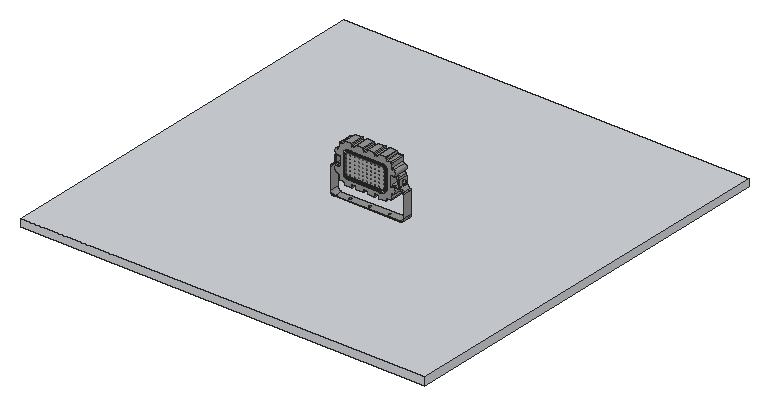
Revit family "SCOD", category Lighting Fixtures, host Face, Revit 2014
Parameters (values of type "SCOD")
  Wings = Paint - Hubbell - Light Silver
  Width = 280.00 mm
  Watts = 78 W
  Wattage Comments = "78W"
  Wattage = 80 W
  Warranty = "5 years Warranty"  # constant formula
  built-in parameter 1150110 = 1 (stored number, unit not read)
  Voltage = 120 V
  URL = "https://www.hubbell.com/chalmit/en"
  built-in parameter 1114217 = 1 (stored number, unit not read)
  Tilt Angle = 90.00°  # constant formula
  built-in parameter 1150109 = 1 (stored number, unit not read)
  built-in parameter 1150134 = 3
  built-in parameter 1150113 = 1 (stored number, unit not read)
  Reflector Finish = Hubbell - White Glass
  Product Link = "https://www.hubbell.com/chalmit/en/Products/Lighting-Controls/Harsh-Hazardous-Lighting/Flood-Lighting/ScotiaEx/p/866129"
  Product Documentation Link = "https://hubbellcdn.com/specsheet/ScotiaEx_Zone1_Datasheet_V4.pdf"
  Power Factor = 1
  Photometric Web File = "SCOD_07L_LE.ies"
  Pendent Height [instance] = 97.00 mm
  built-in parameter 1150142 = "﻿IESNA:LM-63-2002\r\n[TEST]SD19020673\r\n[TESTLAB]Hubbell Scotland\r\n[ISSUEDATE]2019-02-06\r\n[MANUFAC]Chalmit Lighting\r\n[LUMCAT]SCOD/07L/LE\r\n[LUMINAIRE]Scotia LED Floodlight          \r\n[LAMP]LED\r\n[LAMPCAT]LED\r\n[_LUMTYPE]Floodlight\r\n[_LAMPTYPE]LED\r\n[_LAMPMORE]Light Emitting Diodes, White\r\n[_HAZRATING]Zone 1, Zone 21\r\n[_HAZPRO]Ex d e, IECEx, ATEX\r\n[_ENVIRORATING]IP66\r\n[_AMBIENT]-50°C to +40°C (T6), -50°C to +55°C (T5)\r\n[_MOUNT]Surface, Suspended, Stanchion, Wall, Stirrup, Pendant\r\n[_KEYWORDS]Pole, Column, Mast, Floor Stand, Ratchet Handles, Swing Jib, Tripod\r\n[_DRAWFILE]SCOTIA.DWG\r\n     \r\nTILT=NONE\r\n1 -1 1 42 25 1 2 0.397 0.238 0.175\r\n1 1 78.99\r\n0.00 2.50 5.00 7.50 10.00 12.50 15.00 17.50 20.00 22.50 25.00 27.50 30.00 32.50 35.00 37.50 40.00 42.50 45.00 47.50 50.00 52.50 55.00 57.50 60.00 62.50 65.00 67.50 70.00 72.50 75.00 77.50 80.00 82.50 85.00 87.50 90.00 92.50 95.00 97.50 100.00 180.00\r\n0.00 15.00 30.00 45.00 60.00 75.00 90.00 105.00 120.00 135.00 150.00 165.00 180.00 195.00 210.00 225.00 240.00 255.00 270.00 285.00 300.00 315.00 330.00 345.00 360.00\r\n2823.128 2819.52 2817.49 2804.12 2789.69 2752.79 2662.99 2547.71 2493.21 2464.20 2410.15 2333.57 2255.88 2160.00 2083.66 2033.34 1976.17 1914.50 1848.26 1773.03 1690.48 1569.63 1254.22 1137.34 1045.97 948.937 843.654 724.254 487.537 397.432 234.75 163.943\r\n 73.313 30.255 15.232 2.063 0.783 0.536 1.051 3.107 2.029 0.00\r\n2823.128 2821.26 2817.44 2803.82 2787.93 2750.04 2654.60 2539.73 2481.95 2444.08 2386.08 2319.37 2241.05 2150.91 2079.81 2018.34 1959.59 1891.26 1821.94 1746.66 1662.95 1531.16 1221.66 1102.67 1013.27 917.444 814.917 685.893 460.698 370.324 211.50 145.958\r\n 48.923 24.823 10.706 2.344 0.32 0.932 1.589 0.445 2.127 0.00\r\n2823.128 2823.22 2820.70 2810.86 2790.91 2770.75 2728.30 2630.34 2524.32 2447.68 2410.36 2373.59 2308.32 2227.42 2137.01 2058.77 2053.10 1914.82 1859.10 1771.83 1694.53 1596.41 1460.67 1282.24 1001.91 903.918 802.288 679.708 568.177 353.328 263.927 \r\n144.966 77.348 26.227 14.056 3.603 1.37 3.132 1.268 2.17 0.927 0.00\r\n2823.128 2820.91 2821.93 2809.92 2791.85 2771.51 2743.69 2699.00 2616.99 2520.70 2419.26 2359.67 2313.58 2264.22 2191.93 2113.69 2005.66 1867.76 1772.02 1719.73 1634.31 1520.21 1401.43 1284.31 1125.82 947.617 680.384 575.955 463.633 351.037 203.45 132.263\r\n 61.269 18.168 8.861 0.567 0.696 0.00 2.59 3.43 2.564 0.00\r\n2823.128 2819.07 2821.03 2817.54 2806.52 2781.98 2758.61 2728.69 2702.73 2673.74 2629.98 2518.78 2417.34 2319.38 2224.09 2107.83 2043.91 1992.24 1905.22 1796.09 1686.89 1581.43 1447.69 1266.64 1091.12 973.161 855.531 684.938 561.624 396.008 253.91 155.585\r\n 96.213 31.156 11.565 3.433 1.97 2.14 2.196 0.388 1.821 0.00\r\n2823.128 2818.73 2817.15 2812.18 2801.75 2786.41 2765.55 2738.06 2706.65 2671.79 2634.85 2566.37 2473.56 2378.78 2316.79 2271.30 2177.57 2060.81 1953.72 1864.81 1747.95 1577.71 1350.65 1208.98 1074.56 925.051 768.306 652.518 473.933 351.50 233.731 154.678\r\n 70.919 14.524 10.861 3.978 1.15 0.00 2.633 2.796 2.713 0.00\r\n2823.128 2817.05 2816.84 2813.13 2802.88 2791.32 2780.58 2755.65 2730.57 2701.63 2664.12 2624.21 2551.38 2431.21 2356.97 2326.70 2254.64 2151.52 2031.00 1911.64 1806.72 1683.85 1503.73 1381.17 1267.63 1121.09 905.192 779.272 594.41 473.79 329.28 206.884 \r\n118.598 33.012 11.944 8.197 3.062 1.91 0.776 1.588 2.636 0.00\r\n2823.128 2823.19 2816.24 2811.19 2801.35 2788.88 2768.44 2743.87 2717.17 2689.17 2657.37 2599.18 2527.01 2431.36 2342.62 2288.40 2214.90 2100.56 1979.38 1852.29 1717.39 1554.31 1345.70 1191.86 1069.73 954.692 757.634 644.992 492.602 386.766 256.272 \r\n165.536 84.274 23.353 12.701 3.469 1.158 2.805 2.37 2.147 0.434 0.00\r\n2823.128 2824.84 2827.12 2819.37 2808.88 2792.34 2777.23 2753.49 2728.06 2699.06 2669.37 2618.81 2523.91 2383.56 2231.52 2084.61 1993.11 1966.54 1908.46 1790.93 1659.74 1544.14 1424.15 1282.19 1120.54 995.084 879.861 708.845 575.696 429.133 282.064 183.09\r\n 109.453 49.201 12.683 5.867 1.169 1.997 2.28 1.478 2.391 0.00\r\n2823.128 2828.16 2826.57 2817.05 2804.26 2787.39 2766.21 2745.21 2686.98 2558.16 2422.82 2352.83 2334.73 2289.21 2198.95 2106.30 2009.06 1892.63 1758.33 1685.22 1611.01 1511.25 1393.98 1267.60 1150.22 1016.26 712.227 598.42 497.965 373.528 267.686 153.187\r\n 70.638 32.837 12.063 5.116 4.088 1.895 3.557 2.388 0.564 0.00\r\n2823.128 2828.38 2825.74 2819.20 2806.17 2788.93 2778.66 2705.14 2553.45 2430.83 2418.01 2384.30 2299.33 2231.95 2164.97 2078.01 1996.76 1938.17 1881.80 1801.27 1683.93 1578.34 1465.77 1330.92 1027.38 915.808 820.036 714.94 599.994 446.731 288.886 195.762\r\n 106.828 37.857 19.822 8.329 0.346 0.88 2.257 0.592 0.867 0.00\r\n2823.128 2824.61 2819.89 2812.34 2800.30 2783.76 2715.26 2549.06 2437.57 2439.52 2395.39 2303.98 2237.49 2166.44 2072.40 2013.48 1962.21 1902.06 1830.62 1753.80 1661.77 1538.04 1287.19 1116.39 1021.92 980.241 820.60 702.813 484.813 388.713 262.212 162.535\r\n 74.898 28.785 16.287 2.109 1.836 1.755 4.065 0.00 0.373 0.00\r\n2823.128 2821.57 2816.20 2805.41 2794.25 2776.50 2681.61 2526.60 2457.67 2455.32 2400.13 2311.42 2247.41 2167.15 2088.38 2036.15 1978.65 1907.43 1841.13 1767.97 1679.20 1581.58 1249.17 1140.41 1050.86 954.235 852.64 744.544 514.666 421.144 281.842 191.544\r\n 88.343 36.63 21.08 6.138 0.00 2.933 1.019 1.221 1.262 0.00\r\n2823.128 2823.91 2821.41 2812.30 2798.07 2786.57 2741.35 2601.09 2471.00 2453.84 2427.00 2356.65 2272.21 2203.09 2109.33 2049.54 1992.17 1930.90 1863.79 1789.13 1705.18 1614.13 1438.62 1167.03 1071.22 977.829 872.052 767.047 626.974 437.71 345.324 202.453\r\n 94.897 38.405 21.109 9.114 0.00 0.42 0.086 1.073 0.453 0.00\r\n2823.128 2823.40 2819.68 2813.41 2797.03 2784.81 2765.09 2672.58 2526.09 2425.33 2412.34 2387.16 2321.81 2235.79 2167.17 2068.43 1994.68 1935.32 1866.70 1792.70 1712.25 1623.71 1521.50 1391.62 1080.52 945.153 832.128 707.101 595.938 404.547 289.313 \r\n160.613 102.529 31.017 17.344 5.076 0.741 0.00 0.00 1.57 0.99 0.00\r\n2823.128 2825.31 2821.36 2814.85 2804.12 2787.51 2769.80 2746.73 2701.54 2597.79 2470.76 2365.52 2337.86 2309.05 2236.65 2163.41 2093.63 2013.70 1911.55 1823.15 1740.00 1639.02 1528.39 1383.25 1223.95 1084.39 924.393 705.602 552.064 445.53 319.412 190.396\r\n 114.489 55.639 17.886 6.545 0.252 1.915 0.075 1.40 1.104 0.00\r\n2823.128 2825.60 2819.62 2812.00 2795.14 2779.14 2758.67 2735.08 2708.60 2681.48 2644.61 2595.53 2512.35 2400.02 2282.28 2180.11 2113.63 2063.62 1989.87 1888.62 1758.22 1592.95 1442.71 1314.49 1185.91 1050.48 888.35 764.944 591.046 466.564 289.193 190.613\r\n 112.652 47.429 14.539 4.292 0.10 1.428 0.021 0.111 0.00 0.00\r\n2823.128 2823.13 2821.61 2813.59 2800.60 2783.03 2764.88 2741.45 2712.76 2684.76 2650.64 2610.88 2567.66 2515.73 2463.12 2409.80 2350.25 2281.09 2169.37 2018.87 1865.09 1726.50 1588.09 1435.77 1222.50 1018.35 892.964 732.49 594.128 445.809 323.677 203.70 \r\n133.763 52.284 16.632 7.43 0.666 0.782 0.332 0.414 0.344 0.00\r\n2823.128 2823.03 2822.57 2812.48 2797.80 2781.81 2766.48 2739.80 2707.93 2677.71 2639.43 2595.60 2546.14 2495.08 2442.85 2372.77 2304.41 2238.50 2112.27 1982.68 1858.29 1741.11 1633.23 1506.71 1274.49 1130.39 982.75 791.339 666.53 494.173 337.793 218.329 \r\n129.531 41.893 14.199 5.24 0.00 1.049 2.26 0.00 0.677 0.00\r\n2823.128 2824.05 2818.93 2814.63 2799.89 2787.03 2767.36 2748.32 2715.06 2675.77 2631.75 2587.41 2538.06 2480.82 2430.90 2374.29 2295.27 2199.84 2076.58 1932.26 1776.14 1622.39 1499.49 1375.58 1231.56 1024.05 892.786 736.016 585.922 418.213 306.87 188.636\r\n 112.386 39.279 13.361 6.037 0.38 0.991 0.329 0.068 1.982 0.00\r\n2823.128 2824.66 2820.76 2806.60 2791.60 2777.97 2761.22 2724.76 2670.63 2621.24 2562.52 2490.19 2420.50 2335.85 2243.55 2176.42 2111.42 2039.71 1965.73 1864.15 1748.26 1605.88 1458.59 1326.49 1205.95 1067.28 860.237 735.165 576.604 374.311 262.691 \r\n170.139 86.019 31.428 12.094 2.79 1.16 0.262 0.00 0.00 1.425 0.00\r\n2823.128 2823.95 2824.71 2812.73 2795.84 2780.49 2751.10 2689.98 2600.85 2518.20 2454.36 2401.00 2351.81 2300.16 2225.94 2152.14 2068.60 1975.41 1899.41 1823.30 1733.93 1629.29 1516.81 1394.79 1254.42 1057.92 785.842 675.459 523.106 417.42 273.13 165.013 \r\n79.157 32.148 13.164 4.206 0.564 1.564 0.00 0.879 1.083 0.00\r\n2823.128 2825.75 2820.01 2809.22 2795.77 2761.95 2696.55 2607.08 2523.00 2478.34 2440.19 2381.50 2307.51 2232.64 2141.54 2064.35 2000.00 1938.15 1871.18 1794.29 1713.74 1623.85 1515.15 1282.91 1065.29 958.774 844.646 713.419 566.269 374.74 280.535 147.367\r\n 71.716 24.792 14.286 4.581 1.105 0.00 0.00 1.022 1.607 0.00\r\n2823.128 2823.49 2820.09 2810.10 2793.03 2760.34 2674.40 2565.92 2511.19 2482.06 2428.40 2351.93 2274.83 2190.99 2113.44 2056.71 2000.22 1935.85 1871.77 1797.75 1714.00 1593.89 1317.56 1154.25 1062.31 967.784 857.313 740.484 506.226 412.312 287.205 \r\n179.043 83.923 31.938 17.514 1.72 1.204 1.671 1.643 1.743 1.791 0.00\r\n2823.128 2819.52 2817.49 2804.12 2789.69 2752.79 2662.99 2547.71 2493.21 2464.20 2410.15 2333.57 2255.88 2160.00 2083.66 2033.34 1976.17 1914.50 1848.26 1773.03 1690.48 1569.63 1254.22 1137.34 1045.97 948.937 843.654 724.254 487.537 397.432 234.75 163.943\r\n 73.313 30.255 15.232 2.063 0.783 0.536 1.051 3.107 2.029 0.00\r\n"
  Mounting = Paint - Hubbell - Light Silver
  Model = "SCOD"
  Manufacturer = "Chalmit"  # constant formula
  built-in parameter 1150105 = 636.62 (stored number, unit not read)
  Lumens = 8000 lm
  built-in parameter 1150115 = 1 (stored number, unit not read)
  Load Classification = Lighting
  built-in parameter 1150137 = (empty or 0)
  built-in parameter 1150139 = (empty or 0)
  Length = 444.00 mm
  built-in parameter 1150112 = 1 (stored number, unit not read)
  built-in parameter 1150114 = 1 (stored number, unit not read)
  Lamp = "LED"  # constant formula
  built-in parameter 1150132 = (empty or 0)
  built-in parameter 1150102 = (empty or 0)
  built-in parameter 1150107 = 3200 (stored number, unit not read)
  built-in parameter 1150138 = (empty or 0)
  built-in parameter 1150106 = 6.3662 (stored number, unit not read)
  IP Rating = "IP66/67"  # constant formula
  Housing Material = Paint - Hubbell - Light Silver
  Glass = Hubbell - Glass
  Fixture distribution = "Direct"  # constant formula
  Features = "Instant on crisp white light output.\r\nHighly Energy Efficient.\r\n110,000 maintenance free hours at 25°C.\r\nLower power consumption than HID lamps.\r\nLow temperature applications to -50°C.\r\nCrane Damper Bracket available"  # constant formula
  Emit from Rectangle Width = 250.00 mm  # constant formula
  Emit from Rectangle Length = 150.00 mm  # constant formula
  Emit Shape Visible in Rendering = no
  built-in parameter 1150104 = 9.2903 (stored number, unit not read)
  Height = 535.00 mm
  Dimming Lamp Color Temperature Shift = <None>
  Description = "The ScotiaEx is a low energy floodlight with an instant on output delivering 110,000 maintenance free hours at 25 °C. Its excellent temperature range of -50°C to +55°C makes it a global lighting solution providing high output lighting at extreme temperatures."  # constant formula
  Default Elevation = 1219.20 mm
  Copyright = " ©2020 Chalmit, a division of Hubbell Lighting, Inc"  # constant formula
  Contact = "https://www.hubbell.com/chalmit/en/contactUs"
  Connector Description = "Lighting Connector"  # constant formula
  Color Filter = 16777215
  built-in parameter 1114218 = 1 (stored number, unit not read)
  built-in parameter 1150133 = 10 (stored number, unit not read)
  Assembly Code = "D5020200"
  Apparent Load = Watts / Power Factor  # 78 VA
Reference planes
  plane 1 "Center (Front/Back)": y = 0
  plane 2: z = 14.125
  plane 3 "Center (Left/Right)": x = 0
  plane 4: z = -150.375
  plane 5: x = 222
  plane 6: x = -222
  plane 7: z = 189.125
  plane 8: y = 107.5
  plane 9: y = -107.5
  plane 10: z = 343.125
  plane 11: z = 105.125
  plane 12: z = 189.125
  plane 13: y = -141.213
  plane 14: y = -6.213
  plane 15: x = -198.5
  plane 16: x = 198.5
  plane 17: y = 33.787
Forms (mm)
  Extrusion 1, solid
    sketch origin (0, 0, 0) x (1, 0, 0) y (0, 1, 0)
      loop
        line (-1219.2, 1219.2) -> (-1219.2, -1219.2) -> (1219.2, -1219.2) -> (1219.2, 1219.2) -> (-1219.2, 1219.2)
    from 14.125 to -31.75
  Sweep 2, solid, material "Paint - Hubbell - Light Silver" <- "Housing Material"
    path origin (0, 0, 0) x (1, 0, 0) y (0, 0, 1)
      loop
        line (-196.207, 239.125) -> (-196.207, 201.076) -> (-219.468, 177.815)
        arc (-219.468, 177.815) -> (-221.635, 174.571) -> (-222.397, 170.744) r 10
        line (-222.397, 170.744) -> (-222.397, 39.284)
        arc (-222.397, 39.284) -> (-215.028, 21.494) -> (-197.238, 14.125) r 25.159
        line (-197.238, 14.125) -> (0, 14.125) -> (197.238, 14.125)
        arc (197.238, 14.125) -> (215.028, 21.494) -> (222.397, 39.284) r 25.159
        line (222.397, 39.284) -> (222.397, 170.744)
        arc (222.397, 170.744) -> (221.635, 174.571) -> (219.468, 177.815) r 10
        line (219.468, 177.815) -> (196.207, 201.076) -> (196.207, 239.125)
    profile origin (-222.397, 0, 105.014) x (0, -1, 0) y (1, 0, 0)
      loop
        line (95, 0) -> (128.75, 0) -> (128.75, 3.75) -> (78.75, 3.75) -> (78.75, 0) -> (95, 0)
  Extrusion 3, void
    sketch origin (0, -96.25, 0) x (1, 0, 0) y (0, 1, 0)
      loop
        circle (0, -12.5) r 6.5
      loop
        circle (-120, -12.5) r 6.5
      loop
        circle (120, -12.5) r 6.5
    from 14.125 to 17.875
  Revolve 4, solid, material "Paint - Hubbell - Light Silver" <- "Housing Material"
    sketch origin (23.229, -8.75, 219.966) x (1, 0, 0) y (0, 1, 0)
      loop
        line (-222, -95) -> (-222, -85) -> (-228.155, -85)
        arc (-228.155, -85) -> (-230.874, -86.126) -> (-232, -88.845) r 3.845
        line (-232, -88.845) -> (-232, -95) -> (-222, -95)
      axis (-222, -95) -> (-232, -95)
    angle from 0 to 360
  Revolve 5, solid, material "Paint - Hubbell - Light Silver" <- "Housing Material"
    sketch origin (-23.288, -8.75, 219.684) x (-1, 0, 0) y (0, -1, 0)
      loop
        line (-222, 95) -> (-232, 95) -> (-232, 88.845)
        arc (-232, 88.845) -> (-230.874, 86.126) -> (-228.155, 85) r 3.845
        line (-228.155, 85) -> (-222, 85) -> (-222, 95)
      axis (-222, 95) -> (-232, 95)
    angle from 0 to 360
  Extrusion 6, solid, material "Paint - Hubbell - Light Silver" <- "Housing Material"
    sketch origin (0, 0, 0) x (1, 0, 0) y (0, 0, 1)
      loop
        line (-170.982, 255.585) -> (-150.896, 255.585) -> (-150.896, 192.162) -> (-173.607, 192.162)
        arc (-173.607, 192.162) -> (-183.323, 172.932) -> (-166.564, 159.393) r 17.142
        arc (-166.564, 159.393) -> (-160.099, 156.171) -> (-157.491, 149.436) r 10
        line (-157.491, 149.436) -> (-157.491, 128.491)
        arc (-157.491, 128.491) -> (-155.54, 123.78) -> (-150.829, 121.829) r 6.662
        line (-150.829, 121.829) -> (-129.628, 121.829)
        arc (-129.628, 121.829) -> (-126.093, 120.365) -> (-124.628, 116.829) r 5
        line (-124.628, 116.829) -> (-124.628, 107.254)
        arc (-124.628, 107.254) -> (-124.132, 106.054) -> (-122.932, 105.557) r 1.697
        line (-122.932, 105.557) -> (-85.235, 105.557)
        arc (-85.235, 105.557) -> (-82.842, 106.548) -> (-81.851, 108.941) r 3.384
        line (-81.851, 108.941) -> (-81.851, 116.829)
        arc (-81.851, 116.829) -> (-80.386, 120.365) -> (-76.851, 121.829) r 5
        line (-76.851, 121.829) -> (-61.851, 121.829)
        arc (-61.851, 121.829) -> (-58.315, 120.365) -> (-56.851, 116.829) r 5
        line (-56.851, 116.829) -> (-56.851, 108.941)
        arc (-56.851, 108.941) -> (-55.859, 106.548) -> (-53.466, 105.557) r 3.384
        line (-53.466, 105.557) -> (-15.769, 105.557)
        arc (-15.769, 105.557) -> (-13.376, 106.548) -> (-12.385, 108.941) r 3.384
        line (-12.385, 108.941) -> (-12.385, 116.829)
        arc (-12.385, 116.829) -> (-10.921, 120.365) -> (-7.385, 121.829) r 5
        line (-7.385, 121.829) -> (7.615, 121.829)
        arc (7.615, 121.829) -> (11.151, 120.365) -> (12.615, 116.829) r 5
        line (12.615, 116.829) -> (12.615, 108.941)
        arc (12.615, 108.941) -> (13.606, 106.548) -> (15.999, 105.557) r 3.384
        line (15.999, 105.557) -> (52.453, 105.557)
        arc (52.453, 105.557) -> (54.845, 106.548) -> (55.837, 108.941) r 3.384
        line (55.837, 108.941) -> (55.837, 116.83)
        arc (55.837, 116.83) -> (57.301, 120.365) -> (60.837, 121.83) r 5
        line (60.837, 121.83) -> (75.838, 121.83)
        arc (75.838, 121.83) -> (79.374, 120.365) -> (80.839, 116.829) r 5.001
        line (80.839, 116.829) -> (80.839, 108.946)
        arc (80.839, 108.946) -> (81.829, 106.557) -> (84.218, 105.567) r 3.379
        line (84.218, 105.567) -> (121.899, 105.567)
        arc (121.899, 105.567) -> (124.278, 106.552) -> (125.263, 108.931) r 3.364
        line (125.263, 108.931) -> (125.263, 116.908)
        arc (125.263, 116.908) -> (126.75, 120.499) -> (130.341, 121.986) r 5.078
        line (130.341, 121.986) -> (150.516, 121.986)
        arc (150.516, 121.986) -> (155.005, 123.845) -> (156.864, 128.334) r 6.348
        line (156.864, 128.334) -> (156.864, 149.874)
        arc (156.864, 149.874) -> (158.867, 155.841) -> (164.064, 159.393) r 9.892
        arc (164.064, 159.393) -> (180.823, 172.932) -> (171.107, 192.162) r 17.142
        line (171.107, 192.162) -> (150.896, 192.162) -> (150.896, 255.585) -> (170.982, 255.585)
        arc (170.982, 255.585) -> (183.56, 274.376) -> (166.564, 289.29) r 17.142
        arc (166.564, 289.29) -> (160.099, 292.511) -> (157.491, 299.246) r 10
        line (157.491, 299.246) -> (157.491, 320.191)
        arc (157.491, 320.191) -> (155.54, 324.902) -> (150.829, 326.853) r 6.662
        line (150.829, 326.853) -> (130.302, 326.853)
        arc (130.302, 326.853) -> (126.767, 328.317) -> (125.302, 331.853) r 5
        line (125.302, 331.853) -> (125.302, 339.741)
        arc (125.302, 339.741) -> (124.311, 342.134) -> (121.918, 343.125) r 3.384
        line (121.918, 343.125) -> (84.221, 343.125)
        arc (84.221, 343.125) -> (81.828, 342.134) -> (80.837, 339.741) r 3.384
        line (80.837, 339.741) -> (80.837, 331.853)
        arc (80.837, 331.853) -> (79.372, 328.317) -> (75.837, 326.853) r 5
        line (75.837, 326.853) -> (60.837, 326.853)
        arc (60.837, 326.853) -> (57.301, 328.317) -> (55.837, 331.853) r 5
        line (55.837, 331.853) -> (55.837, 339.741)
        arc (55.837, 339.741) -> (54.846, 342.134) -> (52.453, 343.125) r 3.384
        line (52.453, 343.125) -> (15.999, 343.125)
        arc (15.999, 343.125) -> (13.606, 342.134) -> (12.615, 339.741) r 3.384
        line (12.615, 339.741) -> (12.615, 331.853)
        arc (12.615, 331.853) -> (11.151, 328.317) -> (7.615, 326.853) r 5
        line (7.615, 326.853) -> (-7.385, 326.853)
        arc (-7.385, 326.853) -> (-10.921, 328.317) -> (-12.385, 331.853) r 5
        line (-12.385, 331.853) -> (-12.385, 339.741)
        arc (-12.385, 339.741) -> (-13.376, 342.134) -> (-15.769, 343.125) r 3.384
        line (-15.769, 343.125) -> (-53.466, 343.125)
        arc (-53.466, 343.125) -> (-55.859, 342.134) -> (-56.851, 339.741) r 3.384
        line (-56.851, 339.741) -> (-56.851, 331.853)
        arc (-56.851, 331.853) -> (-58.315, 328.317) -> (-61.851, 326.853) r 5
        line (-61.851, 326.853) -> (-76.851, 326.853)
        arc (-76.851, 326.853) -> (-80.386, 328.317) -> (-81.851, 331.853) r 5
        line (-81.851, 331.853) -> (-81.851, 339.741)
        arc (-81.851, 339.741) -> (-82.842, 342.134) -> (-85.235, 343.125) r 3.384
        line (-85.235, 343.125) -> (-122.932, 343.125)
        arc (-122.932, 343.125) -> (-124.132, 342.628) -> (-124.628, 341.428) r 1.697
        line (-124.628, 341.428) -> (-124.628, 331.853)
        arc (-124.628, 331.853) -> (-126.093, 328.317) -> (-129.628, 326.853) r 5
        line (-129.628, 326.853) -> (-150.829, 326.853)
        arc (-150.829, 326.853) -> (-155.54, 324.902) -> (-157.491, 320.191) r 6.662
        line (-157.491, 320.191) -> (-157.491, 299.246)
        arc (-157.491, 299.246) -> (-160.099, 292.511) -> (-166.564, 289.29) r 10
        arc (-166.564, 289.29) -> (-183.56, 274.376) -> (-170.982, 255.585) r 17.142
    from 59.988 to 141.213
  Extrusion 7, solid, material "Paint - Hubbell - Light Silver" <- "Housing Material"
    sketch origin (0, 0, 0) x (1, 0, 0) y (0, 0, 1)
      loop
        line (150.896, 245.585) -> (177.146, 245.585)
        arc (177.146, 245.585) -> (180.682, 244.121) -> (182.146, 240.585) r 5
        line (182.146, 240.585) -> (182.146, 205.585)
        arc (182.146, 205.585) -> (180.682, 202.05) -> (177.146, 200.585) r 5
        line (177.146, 200.585) -> (150.896, 200.585) -> (150.896, 185.585) -> (182.146, 185.585)
        arc (182.146, 185.585) -> (189.393, 188.587) -> (192.395, 195.834) r 10.249
        line (192.395, 195.834) -> (192.395, 250.336)
        arc (192.395, 250.336) -> (189.393, 257.583) -> (182.146, 260.585) r 10.249
        line (182.146, 260.585) -> (150.896, 260.585) -> (150.896, 245.585)
      loop
        line (-150.896, 245.585) -> (-150.896, 260.585) -> (-182.146, 260.585)
        arc (-182.146, 260.585) -> (-189.393, 257.583) -> (-192.395, 250.336) r 10.249
        line (-192.395, 250.336) -> (-192.395, 195.834)
        arc (-192.395, 195.834) -> (-189.393, 188.587) -> (-182.146, 185.585) r 10.249
        line (-182.146, 185.585) -> (-150.896, 185.585) -> (-150.896, 200.585) -> (-177.146, 200.585)
        arc (-177.146, 200.585) -> (-180.682, 202.05) -> (-182.146, 205.585) r 5
        line (-182.146, 205.585) -> (-182.146, 240.585)
        arc (-182.146, 240.585) -> (-180.682, 244.121) -> (-177.146, 245.585) r 5
        line (-177.146, 245.585) -> (-150.896, 245.585)
    from 78.75 to 128.75
  Sweep 8, solid
    path origin (0, -140, 0) x (1, 0, 0) y (0, 0, 1)
      loop
        arc (-100.99, 295.843) -> (-118.667, 288.521) -> (-125.99, 270.843) r 25
        line (-125.99, 270.843) -> (-125.99, 175.843)
        arc (-125.99, 175.843) -> (-118.667, 158.165) -> (-100.99, 150.843) r 25
        line (-100.99, 150.843) -> (99.01, 150.843)
        arc (99.01, 150.843) -> (116.688, 158.165) -> (124.01, 175.843) r 25
        line (124.01, 175.843) -> (124.01, 270.843)
        arc (124.01, 270.843) -> (116.688, 288.521) -> (99.01, 295.843) r 25
        line (99.01, 295.843) -> (-100.99, 295.843)
    profile origin (-0.99, -140, 295.843) x (0, 0, 1) y (0, -1, 0)
      loop
        line (5.911, 0) -> (5.911, 3.04)
        arc (5.911, 3.04) -> (5.632, 3.713) -> (4.96, 3.991) r 0.951
        line (4.96, 3.991) -> (3.487, 3.991) -> (3.487, 5.847)
        arc (3.487, 5.847) -> (3.221, 6.49) -> (2.578, 6.756) r 0.909
        line (2.578, 6.756) -> (0, 6.756) -> (-2.578, 6.756)
        arc (-2.578, 6.756) -> (-3.221, 6.49) -> (-3.487, 5.847) r 0.909
        line (-3.487, 5.847) -> (-3.487, 3.991) -> (-4.96, 3.991)
        arc (-4.96, 3.991) -> (-5.632, 3.713) -> (-5.911, 3.04) r 0.951
        line (-5.911, 3.04) -> (-5.911, 0) -> (5.911, 0)
  Extrusion 9, solid, material "Hubbell - Glass"
    sketch origin (0, 0, 0) x (1, 0, 0) y (0, 0, 1)
      loop
        line (99.01, 289.932) -> (-100.99, 289.932)
        arc (-100.99, 289.932) -> (-114.488, 284.341) -> (-120.079, 270.843) r 19.089
        line (-120.079, 270.843) -> (-120.079, 175.843)
        arc (-120.079, 175.843) -> (-114.488, 162.345) -> (-100.99, 156.754) r 19.089
        line (-100.99, 156.754) -> (99.01, 156.754)
        arc (99.01, 156.754) -> (112.509, 162.345) -> (118.1, 175.843) r 19.089
        line (118.1, 175.843) -> (118.1, 270.843)
        arc (118.1, 270.843) -> (112.509, 284.341) -> (99.01, 289.932) r 19.089
    from 140 to 143.991
  Extrusion 10, solid, material "Hubbell - White Glass" <- "Reflector Finish"
    sketch origin (0, 0, 0) x (1, 0, 0) y (0, 0, 1)
      loop
        line (-116.799, 279.042) -> (-116.799, 274.042) -> (-111.799, 274.042) -> (-111.799, 279.042) -> (-116.799, 279.042)
      loop
        line (-116.799, 257.792) -> (-116.799, 252.792) -> (-111.799, 252.792) -> (-111.799, 257.792) -> (-116.799, 257.792)
      loop
        line (-116.799, 236.542) -> (-116.799, 231.542) -> (-111.799, 231.542) -> (-111.799, 236.542) -> (-116.799, 236.542)
      loop
        line (-116.799, 215.292) -> (-116.799, 210.292) -> (-111.799, 210.292) -> (-111.799, 215.292) -> (-116.799, 215.292)
      loop
        line (-116.799, 194.042) -> (-116.799, 189.042) -> (-111.799, 189.042) -> (-111.799, 194.042) -> (-116.799, 194.042)
      loop
        line (-116.799, 172.792) -> (-116.799, 167.792) -> (-111.799, 167.792) -> (-111.799, 172.792) -> (-116.799, 172.792)
      loop
        line (-91.799, 279.042) -> (-91.799, 274.042) -> (-86.799, 274.042) -> (-86.799, 279.042) -> (-91.799, 279.042)
      loop
        line (-91.799, 257.792) -> (-91.799, 252.792) -> (-86.799, 252.792) -> (-86.799, 257.792) -> (-91.799, 257.792)
      loop
        line (-91.799, 236.542) -> (-91.799, 231.542) -> (-86.799, 231.542) -> (-86.799, 236.542) -> (-91.799, 236.542)
      loop
        line (-91.799, 215.292) -> (-91.799, 210.292) -> (-86.799, 210.292) -> (-86.799, 215.292) -> (-91.799, 215.292)
      loop
        line (-91.799, 194.042) -> (-91.799, 189.042) -> (-86.799, 189.042) -> (-86.799, 194.042) -> (-91.799, 194.042)
      loop
        line (-91.799, 172.792) -> (-91.799, 167.792) -> (-86.799, 167.792) -> (-86.799, 172.792) -> (-91.799, 172.792)
      loop
        line (-66.799, 279.042) -> (-66.799, 274.042) -> (-61.799, 274.042) -> (-61.799, 279.042) -> (-66.799, 279.042)
      loop
        line (-66.799, 257.792) -> (-66.799, 252.792) -> (-61.799, 252.792) -> (-61.799, 257.792) -> (-66.799, 257.792)
      loop
        line (-66.799, 236.542) -> (-66.799, 231.542) -> (-61.799, 231.542) -> (-61.799, 236.542) -> (-66.799, 236.542)
      loop
        line (-66.799, 215.292) -> (-66.799, 210.292) -> (-61.799, 210.292) -> (-61.799, 215.292) -> (-66.799, 215.292)
      loop
        line (-66.799, 194.042) -> (-66.799, 189.042) -> (-61.799, 189.042) -> (-61.799, 194.042) -> (-66.799, 194.042)
      loop
        line (-66.799, 172.792) -> (-66.799, 167.792) -> (-61.799, 167.792) -> (-61.799, 172.792) -> (-66.799, 172.792)
      loop
        line (-41.799, 279.042) -> (-41.799, 274.042) -> (-36.799, 274.042) -> (-36.799, 279.042) -> (-41.799, 279.042)
      loop
        line (-41.799, 257.792) -> (-41.799, 252.792) -> (-36.799, 252.792) -> (-36.799, 257.792) -> (-41.799, 257.792)
      loop
        line (-41.799, 236.542) -> (-41.799, 231.542) -> (-36.799, 231.542) -> (-36.799, 236.542) -> (-41.799, 236.542)
      loop
        line (-41.799, 215.292) -> (-41.799, 210.292) -> (-36.799, 210.292) -> (-36.799, 215.292) -> (-41.799, 215.292)
      loop
        line (-41.799, 194.042) -> (-41.799, 189.042) -> (-36.799, 189.042) -> (-36.799, 194.042) -> (-41.799, 194.042)
      loop
        line (-41.799, 172.792) -> (-41.799, 167.792) -> (-36.799, 167.792) -> (-36.799, 172.792) -> (-41.799, 172.792)
      loop
        line (-16.799, 279.042) -> (-16.799, 274.042) -> (-11.799, 274.042) -> (-11.799, 279.042) -> (-16.799, 279.042)
      loop
        line (-16.799, 257.792) -> (-16.799, 252.792) -> (-11.799, 252.792) -> (-11.799, 257.792) -> (-16.799, 257.792)
      loop
        line (-16.799, 236.542) -> (-16.799, 231.542) -> (-11.799, 231.542) -> (-11.799, 236.542) -> (-16.799, 236.542)
      loop
        line (-16.799, 215.292) -> (-16.799, 210.292) -> (-11.799, 210.292) -> (-11.799, 215.292) -> (-16.799, 215.292)
      loop
        line (-16.799, 194.042) -> (-16.799, 189.042) -> (-11.799, 189.042) -> (-11.799, 194.042) -> (-16.799, 194.042)
      loop
        line (-16.799, 172.792) -> (-16.799, 167.792) -> (-11.799, 167.792) -> (-11.799, 172.792) -> (-16.799, 172.792)
      loop
        line (113.201, 279.042) -> (108.201, 279.042) -> (108.201, 274.042) -> (113.201, 274.042) -> (113.201, 279.042)
      loop
        line (113.201, 257.792) -> (108.201, 257.792) -> (108.201, 252.792) -> (113.201, 252.792) -> (113.201, 257.792)
      loop
        line (113.201, 236.542) -> (108.201, 236.542) -> (108.201, 231.542) -> (113.201, 231.542) -> (113.201, 236.542)
      loop
        line (113.201, 215.292) -> (108.201, 215.292) -> (108.201, 210.292) -> (113.201, 210.292) -> (113.201, 215.292)
      loop
        line (113.201, 194.042) -> (108.201, 194.042) -> (108.201, 189.042) -> (113.201, 189.042) -> (113.201, 194.042)
      loop
        line (113.201, 172.792) -> (108.201, 172.792) -> (108.201, 167.792) -> (113.201, 167.792) -> (113.201, 172.792)
      loop
        line (88.201, 279.042) -> (83.201, 279.042) -> (83.201, 274.042) -> (88.201, 274.042) -> (88.201, 279.042)
      loop
        line (88.201, 257.792) -> (83.201, 257.792) -> (83.201, 252.792) -> (88.201, 252.792) -> (88.201, 257.792)
      loop
        line (88.201, 236.542) -> (83.201, 236.542) -> (83.201, 231.542) -> (88.201, 231.542) -> (88.201, 236.542)
      loop
        line (88.201, 215.292) -> (83.201, 215.292) -> (83.201, 210.292) -> (88.201, 210.292) -> (88.201, 215.292)
      loop
        line (88.201, 194.042) -> (83.201, 194.042) -> (83.201, 189.042) -> (88.201, 189.042) -> (88.201, 194.042)
      loop
        line (88.201, 172.792) -> (83.201, 172.792) -> (83.201, 167.792) -> (88.201, 167.792) -> (88.201, 172.792)
      loop
        line (63.201, 279.042) -> (58.201, 279.042) -> (58.201, 274.042) -> (63.201, 274.042) -> (63.201, 279.042)
      loop
        line (63.201, 257.792) -> (58.201, 257.792) -> (58.201, 252.792) -> (63.201, 252.792) -> (63.201, 257.792)
      loop
        line (63.201, 236.542) -> (58.201, 236.542) -> (58.201, 231.542) -> (63.201, 231.542) -> (63.201, 236.542)
      loop
        line (63.201, 215.292) -> (58.201, 215.292) -> (58.201, 210.292) -> (63.201, 210.292) -> (63.201, 215.292)
      loop
        line (63.201, 194.042) -> (58.201, 194.042) -> (58.201, 189.042) -> (63.201, 189.042) -> (63.201, 194.042)
      loop
        line (63.201, 172.792) -> (58.201, 172.792) -> (58.201, 167.792) -> (63.201, 167.792) -> (63.201, 172.792)
      loop
        line (38.201, 279.042) -> (33.201, 279.042) -> (33.201, 274.042) -> (38.201, 274.042) -> (38.201, 279.042)
      loop
        line (38.201, 257.792) -> (33.201, 257.792) -> (33.201, 252.792) -> (38.201, 252.792) -> (38.201, 257.792)
      loop
        line (38.201, 236.542) -> (33.201, 236.542) -> (33.201, 231.542) -> (38.201, 231.542) -> (38.201, 236.542)
      loop
        line (38.201, 215.292) -> (33.201, 215.292) -> (33.201, 210.292) -> (38.201, 210.292) -> (38.201, 215.292)
      loop
        line (38.201, 194.042) -> (33.201, 194.042) -> (33.201, 189.042) -> (38.201, 189.042) -> (38.201, 194.042)
      loop
        line (38.201, 172.792) -> (33.201, 172.792) -> (33.201, 167.792) -> (38.201, 167.792) -> (38.201, 172.792)
      loop
        line (13.201, 279.042) -> (8.201, 279.042) -> (8.201, 274.042) -> (13.201, 274.042) -> (13.201, 279.042)
      loop
        line (13.201, 257.792) -> (8.201, 257.792) -> (8.201, 252.792) -> (13.201, 252.792) -> (13.201, 257.792)
      loop
        line (13.201, 236.542) -> (8.201, 236.542) -> (8.201, 231.542) -> (13.201, 231.542) -> (13.201, 236.542)
      loop
        line (13.201, 215.292) -> (8.201, 215.292) -> (8.201, 210.292) -> (13.201, 210.292) -> (13.201, 215.292)
      loop
        line (13.201, 194.042) -> (8.201, 194.042) -> (8.201, 189.042) -> (13.201, 189.042) -> (13.201, 194.042)
      loop
        line (13.201, 172.792) -> (8.201, 172.792) -> (8.201, 167.792) -> (13.201, 167.792) -> (13.201, 172.792)
    from 140 to 142
  Sweep 11, solid, material "Paint - Hubbell - Light Silver" <- "Housing Material"
    path origin (0, 0, 0) x (1, 0, 0) y (0, 0, 1)
      loop
        line (127.888, 303.896) -> (-132.112, 303.896) -> (-132.112, 143.896) -> (127.888, 143.896) -> (127.888, 303.896)
    profile origin (-2.112, 0, 303.896) x (0, 0, -1) y (0, -1, 0)
      loop
        arc (0, 30) -> (8.787, 8.787) -> (30, 0) r 30
        line (30, 0) -> (35, 0) -> (35, 59.988) -> (0, 59.988) -> (0, 30)
  Extrusion 12, solid, material "Paint - Hubbell - Light Silver" <- "Housing Material"
    sketch origin (0, 0, 0) x (1, 0, 0) y (0, 0, 1)
      loop
        line (92.888, 268.896) -> (-97.112, 268.896) -> (-97.112, 178.896) -> (92.888, 178.896) -> (92.888, 268.896)
    from 0 to 59.988
Cuts and joins
  Extrusion 3 cuts Sweep 2
  joined: Extrusion 6, Extrusion 7
  joined: Sweep 11, Extrusion 12
Dimensions and locks
  plane 2 to plane 4 = 164.50 mm
  "Length": plane 5 to plane 6
  equal spacing: plane 5, plane 3 "Center (Left/Right)", plane 6
  plane 2 to plane 7 to plane 10 = 175.00 mm, 154.00 mm
  plane 2 to plane 10 = 329.00 mm
  plane 10 to plane 7 to Extrusion 1 = 154.00 mm, 175.00 mm
  plane 10 to Extrusion 1 = 329.00 mm
  plane 10 to plane 11 = 238.00 mm
  plane 16 to plane 15 = 397.00 mm
  equal spacing: plane 16, plane 3 "Center (Left/Right)", plane 15
  aligned and locked: plane 2 to Extrusion 1
  aligned and locked: cut or joined group of Sweep 2, Extrusion 3 to Extrusion 3  (x2)
Automatic sketch dimensions
  Extrusion 1 sketch curve to Extrusion 1 sketch curve = 2438.40 mm  (x2)
  Sweep 2 sketch curve to plane 2 = 0.00 mm
  Sweep 2 sketch curve to plane 3 "Center (Left/Right)" = 0.00 mm
  plane 15 to Sweep 2 sketch curve = 2.293 mm
  plane 15 to Sweep 2 sketch curve = 1.262 mm
  plane 6 to Sweep 2 sketch curve = 9.603 mm
  plane 6 to Sweep 2 sketch curve = 2.532 mm
  Sweep 2 sketch curve to plane 6 = 0.397 mm
  Sweep 2 sketch curve to plane 16 = 2.293 mm
  Sweep 2 sketch curve to plane 16 = 1.262 mm
  Sweep 2 sketch curve to plane 5 = 9.603 mm
  Sweep 2 sketch curve to plane 5 = 2.532 mm
  plane 5 to Sweep 2 sketch curve = 0.397 mm
  plane 7 to Sweep 2 sketch curve = 18.381 mm  (x2)
  Sweep 2 sketch curve to plane 7 = 11.951 mm  (x2)
  Sweep 2 sketch curve to Sweep 2 sketch curve = 38.049 mm  (x2)
  Sweep 2 sketch curve to profile plane = 0.00 mm
  plane 1 "Center (Front/Back)" to Sweep 2 sketch curve = 78.75 mm
  Sweep 2 sketch curve to Sweep 2 sketch curve = 16.25 mm
  Sweep 2 sketch curve to Sweep 2 sketch curve = 33.75 mm
  Sweep 2 sketch curve to profile plane = 3.75 mm
  Extrusion 3 sketch curve to plane 3 "Center (Left/Right)" = 0.00 mm
  plane 9 to Extrusion 3 sketch curve = 1.25 mm  (x3)
  plane 15 to Extrusion 3 sketch curve = 78.50 mm
  Extrusion 3 sketch curve to plane 16 = 78.50 mm
  Revolve 4 sketch curve to plane 15 = 10.271 mm
  Revolve 4 sketch curve to Revolve 4 sketch curve = 3.845 mm
  Revolve 4 sketch curve to plane 15 = 0.271 mm
  Revolve 4 sketch curve to plane 9 = 3.75 mm  (x2)
  Revolve 4 sketch curve to Revolve 4 sketch curve = 6.155 mm
  Revolve 4 sketch curve to plane 6 = 36.771 mm
  Revolve 4 sketch curve to Revolve 4 sketch curve = 0.00 mm
  plane 16 to Revolve 5 sketch curve = 10.212 mm
  Revolve 5 sketch curve to Revolve 5 sketch curve = 3.845 mm
  plane 16 to Revolve 5 sketch curve = 0.212 mm
  Revolve 5 sketch curve to plane 9 = 13.75 mm
  Revolve 5 sketch curve to plane 9 = 3.75 mm  (x2)
  plane 5 to Revolve 5 sketch curve = 36.712 mm
  Revolve 5 sketch curve to Revolve 5 sketch curve = 0.00 mm
  Extrusion 6 sketch curve to plane 10 = 0.00 mm  (x4)
  Extrusion 6 sketch curve to plane 7 = 3.037 mm  (x2)
  plane 15 to Extrusion 6 sketch curve = 24.893 mm
  plane 15 to Extrusion 6 sketch curve = 27.518 mm
  plane 15 to Extrusion 6 sketch curve = 31.009 mm  (x2)
  Extrusion 6 sketch curve to Extrusion 6 sketch curve = 4.418 mm  (x2)
  Extrusion 6 sketch curve to Extrusion 6 sketch curve = 7.043 mm  (x2)
  Extrusion 6 sketch curve to Extrusion 6 sketch curve = 10.00 mm  (x3)
  Extrusion 6 sketch curve to Extrusion 6 sketch curve = 15.668 mm  (x2)
  Extrusion 6 sketch curve to Extrusion 6 sketch curve = 6.662 mm  (x3)
  Extrusion 6 sketch curve to Extrusion 6 sketch curve = 21.201 mm  (x2)
  Extrusion 6 sketch curve to Extrusion 6 sketch curve = 5.00 mm  (x14)
  Extrusion 6 sketch curve to plane 11 = 0.432 mm  (x2)
  Extrusion 6 sketch curve to Extrusion 6 sketch curve = 1.697 mm  (x2)
  Extrusion 6 sketch curve to plane 11 = 3.816 mm  (x3)
  Extrusion 6 sketch curve to Extrusion 6 sketch curve = 37.697 mm  (x3)
  plane 10 to Extrusion 6 sketch curve = 3.384 mm  (x4)
  Extrusion 6 sketch curve to Extrusion 6 sketch curve = 15.00 mm  (x3)
  Extrusion 6 sketch curve to Extrusion 6 sketch curve = 3.384 mm  (x6)
  Extrusion 6 sketch curve to plane 3 "Center (Left/Right)" = 15.769 mm  (x2)
  plane 3 "Center (Left/Right)" to Extrusion 6 sketch curve = 7.615 mm  (x2)
  Extrusion 6 sketch curve to Extrusion 6 sketch curve = 36.454 mm  (x2)
  Extrusion 6 sketch curve to Extrusion 6 sketch curve = 15.001 mm
  Extrusion 6 sketch curve to Extrusion 6 sketch curve = 5.001 mm
  Extrusion 6 sketch curve to Extrusion 6 sketch curve = 3.379 mm
  Extrusion 6 sketch curve to plane 11 = 0.442 mm
  Extrusion 6 sketch curve to Extrusion 6 sketch curve = 37.68 mm
  Extrusion 6 sketch curve to Extrusion 6 sketch curve = 3.364 mm
  Extrusion 6 sketch curve to Extrusion 6 sketch curve = 5.078 mm
  Extrusion 6 sketch curve to Extrusion 6 sketch curve = 20.174 mm
  Extrusion 6 sketch curve to Extrusion 6 sketch curve = 20.527 mm
  Extrusion 6 sketch curve to plane 16 = 47.604 mm
  Extrusion 6 sketch curve to Extrusion 6 sketch curve = 6.348 mm
  Extrusion 6 sketch curve to Extrusion 6 sketch curve = 13.168 mm
  Extrusion 6 sketch curve to Extrusion 6 sketch curve = 2.692 mm
  Extrusion 6 sketch curve to Extrusion 6 sketch curve = 7.883 mm
  Extrusion 6 sketch curve to Extrusion 6 sketch curve = 7.888 mm  (x2)
  Extrusion 6 sketch curve to Extrusion 6 sketch curve = 9.576 mm
  Extrusion 6 sketch curve to Extrusion 6 sketch curve = 7.976 mm
  Extrusion 6 sketch curve to Extrusion 6 sketch curve = 20.945 mm  (x3)
  Extrusion 6 sketch curve to Extrusion 6 sketch curve = 21.54 mm
  Extrusion 6 sketch curve to Extrusion 6 sketch curve = 63.423 mm  (x2)
  Extrusion 6 sketch curve to Extrusion 6 sketch curve = 16.563 mm  (x2)
  Extrusion 6 sketch curve to Extrusion 6 sketch curve = 12.888 mm  (x3)
  plane 15 to Extrusion 7 sketch curve = 6.105 mm
  Extrusion 7 sketch curve to Extrusion 7 sketch curve = 10.249 mm  (x3)
  Extrusion 7 sketch curve to Extrusion 7 sketch curve = 5.00 mm  (x5)
  Extrusion 7 sketch curve to plane 7 = 11.46 mm  (x2)
  Extrusion 7 sketch curve to Extrusion 7 sketch curve = 26.25 mm  (x2)
  Extrusion 7 sketch curve to plane 16 = 47.604 mm  (x2)
  plane 7 to Extrusion 7 sketch curve = 3.54 mm  (x2)
  Extrusion 7 sketch curve to plane 16 = 21.354 mm  (x2)
  Extrusion 7 sketch curve to plane 16 = 6.105 mm
  Extrusion 7 sketch curve to Extrusion 7 sketch curve = 35.00 mm  (x2)
  Extrusion 7 sketch curve to Extrusion 7 sketch curve = 9.751 mm
  Extrusion 7 sketch curve to Extrusion 7 sketch curve = 4.751 mm
  plane 15 to Sweep 8 sketch curve = 72.51 mm
  Sweep 8 sketch curve to Sweep 8 sketch curve = 25.00 mm  (x3)
  plane 10 to Sweep 8 sketch curve = 47.282 mm
  plane 3 "Center (Left/Right)" to Sweep 8 sketch curve = 99.01 mm
  plane 7 to Sweep 8 sketch curve = 13.282 mm
  Sweep 8 sketch curve to Sweep 8 sketch curve = 0.00 mm
  Sweep 8 sketch curve to profile plane = 0.00 mm
  profile plane to Sweep 8 sketch curve = 0.00 mm
  profile plane to Sweep 8 sketch curve = 2.578 mm
  Sweep 8 sketch curve to Sweep 8 sketch curve = 0.909 mm  (x2)
  Sweep 8 sketch curve to Sweep 8 sketch curve = 1.473 mm  (x2)
  Sweep 8 sketch curve to Sweep 8 sketch curve = 0.951 mm  (x2)
  Sweep 8 sketch curve to profile plane = 2.578 mm
  profile plane to Sweep 8 sketch curve = 3.04 mm
  Sweep 8 sketch curve to Sweep 8 sketch curve = 3.04 mm
  Sweep 8 sketch curve to Sweep 8 sketch curve = 1.856 mm
  plane 3 "Center (Left/Right)" to Extrusion 9 sketch curve = 99.01 mm
  Extrusion 9 sketch curve to Extrusion 9 sketch curve = 19.089 mm  (x3)
  plane 10 to Extrusion 9 sketch curve = 72.282 mm
  plane 7 to Extrusion 9 sketch curve = 13.282 mm  (x2)
  plane 15 to Extrusion 9 sketch curve = 97.51 mm
  plane 15 to Extrusion 10 sketch curve = 81.701 mm  (x2)
  plane 7 to Extrusion 10 sketch curve = 21.333 mm
  Extrusion 10 sketch curve to Extrusion 10 sketch curve = 0.00 mm  (x42)
  plane 7 to Extrusion 10 sketch curve = 0.083 mm  (x10)
  Extrusion 10 sketch curve to Extrusion 10 sketch curve = 5.00 mm  (x110)
  Extrusion 10 sketch curve to Extrusion 10 sketch curve = 20.00 mm  (x16)
  Extrusion 10 sketch curve to plane 3 "Center (Left/Right)" = 16.799 mm  (x2)
  plane 3 "Center (Left/Right)" to Extrusion 10 sketch curve = 8.201 mm  (x6)
  Extrusion 10 sketch curve to Extrusion 10 sketch curve = 21.25 mm
  Extrusion 10 sketch curve to plane 7 = 4.917 mm  (x10)
  Extrusion 10 sketch curve to Extrusion 10 sketch curve = 16.25 mm  (x40)
  plane 15 to Sweep 11 sketch curve = 66.388 mm
  Sweep 11 sketch curve to plane 16 = 70.612 mm
  Sweep 11 sketch curve to plane 11 = 38.771 mm
  plane 10 to Sweep 11 sketch curve = 39.229 mm
  Sweep 11 sketch curve to profile plane = 0.00 mm
  Sweep 11 sketch curve to plane 1 "Center (Front/Back)" = 0.00 mm
  Sweep 11 sketch curve to Sweep 11 sketch curve = 30.00 mm
  Sweep 11 sketch curve to Sweep 11 sketch curve = 5.00 mm
  Sweep 11 sketch curve to Sweep 11 sketch curve = 29.988 mm
  Extrusion 12 sketch curve to plane 3 "Center (Left/Right)" = 97.112 mm
  plane 7 to Extrusion 12 sketch curve = 10.229 mm
  plane 3 "Center (Left/Right)" to Extrusion 12 sketch curve = 92.888 mm
  plane 10 to Extrusion 12 sketch curve = 74.229 mm
  radius of Extrusion 3 sketch curve = 6.50 mm  (x3)
Connectors
  electrical at (0, -103.75, 17.875), driven by "Voltage", driven by "Apparent Load", driven by "Power Factor", driven by "Connector Description"
    settings: on Sweep 2, index 1, voltage 120 V, apparent load 78 VA, apparent load phase1 0 VA, apparent load phase2 0 VA, apparent load phase3 0 VA, power factor 1, load classification "Other", number of poles 1, system type 30, power factor state 1, is connector primary yes, connector utility no, sub classification motor no, connector description "Lighting Connector"
